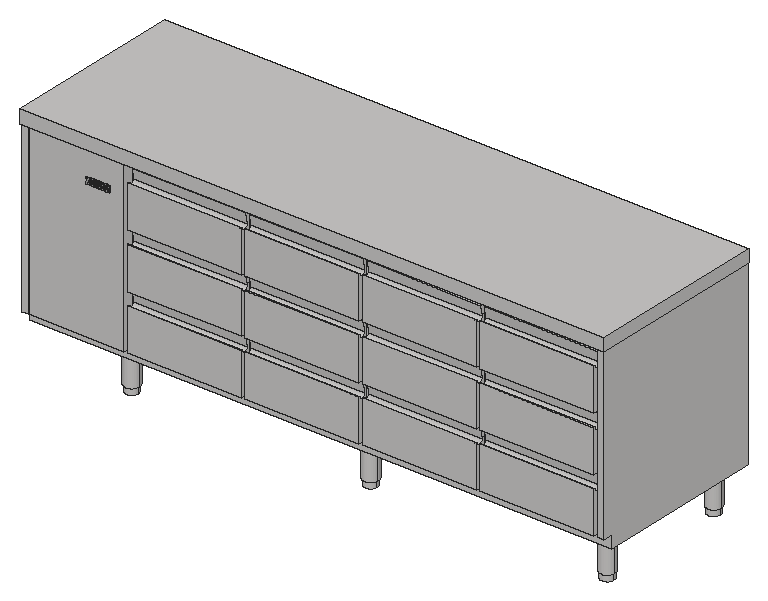
Revit family "QF_ZANUSSI_111065_ZH4HBCCCC", category Specialty Equipment, Revit 2018
Family settings
  Round Connector Dimension = Use Diameter
  Part Type = Normal
  Work Plane-Based = No
  Always vertical = Yes
  Cut with Voids When Loaded = No
  Shared = No
  Room Calculation Point = No
Parameters
  Weight = 0.00 kg
  Watts = 0.0232258 W
  Volts = 220 V
  URL Manufacturer = "http://www.zanussiprofessional.com/"
  URL = "http://www.zanussiprofessional.com/"
  Steam Supply Size = 0 mm
  Steam Supply Minimum Pressure = 0.0 Pa
  Steam Supply Maximum Pressure = 0.0 Pa
  Steam Pounds per Hour = 0
  Show Logo [instance] = yes
  Show Clearance [instance] = yes
  Refrigeration Suction Line Size = 0 mm
  Refrigeration Liquid Line Size = 0 mm
  Refrigerant Compressor Remote = yes
  Manufacturer = "Zanussi"
  Phase = 1
  Model = "ZH4HBCCCC"
  Length Actual = 2253 mm  # constant formula
  Item Number = "111065"
  Hot Water Size = 0 mm
  Height Actual = 900 mm  # constant formula
  HP = "0.3 HP"
  Gas Size = 0 mm
  Gas KW = 0
  Gas Input Pressure = 0 W
  Description = "12x1/3 DRAWERS REFR.TABLE 590L"
  Depth Actual = 700 mm  # constant formula
  Cycle = 50 Hz
  Condensate Return Size = 0 mm
  Compressed Air Volume = 0.0 L/s
  Compressed Air Size = 0 mm
  Compressed Air Pressure = 0.0 Pa
  Cold Water Size = 0 mm
  Accessory = yes
Reference planes
  plane 1 "Center X": y = 182.5
  plane 2: z = 0
  plane 3 "Center Y": x = -580.5
  plane 4: y = -62.5
  plane 5: y = 451.5
  plane 6 "BACK": y = 532.5
  plane 7 "FRONT": y = -167.5
  plane 8: x = -1360
  plane 9: x = 478
  plane 10: z = 150
  plane 11 "TOP": z = 900
  plane 12: z = 850
  plane 13 "LEFT": x = -1705
  plane 14 "RIGHT": x = 544
  plane 15: x = -437
  plane 16: x = -1707
  plane 17: x = 546
Forms (mm)
  Extrusion 1, solid, material "QF_Finishes_Stainless Steel"
    sketch origin (-580.5, 2, 0) x (0, 1, 0) y (0, 0, 1)
      loop
        line (530.5, 150) -> (530.5, 850) -> (-124.5, 850) -> (-124.5, 150) -> (530.5, 150)
    from -1124.5 to 1124.5
  Extrusion 2, solid, material "QF_Finishes_Stainless Steel"
    sketch origin (-1022.223, -1524, 150) x (-1, 0, 0) y (0, -1, 0)
      loop
        line (682.777, -1361.5) -> (657.777, -1361.5) -> (657.777, -1401.5) -> (682.777, -1401.5) -> (682.777, -1361.5)
      loop
        line (-1566.223, -1401.5) -> (-1541.223, -1401.5) -> (-1541.223, -1361.5) -> (-1566.223, -1361.5) -> (-1566.223, -1401.5)
    from 47 to 700
  Extrusion 3, solid, material "QF_Finishes_Stainless Steel"
    sketch origin (0, 0, 900) x (-1, 0, 0) y (0, -1, 0)
      loop
        circle (-57, -94.5) r 8.45
      loop
        circle (851, -94.5) r 8.45
    from -790.577 to -750
  Extrusion 4, solid, material "QF_Finishes_Stainless Steel"
    sketch origin (0, 0, 0) x (1, 0, 0) y (0, 1, 0)
      loop
        circle (-1621, 451.5) r 4
    from 109.423 to 150
  Extrusion 5, solid, material "QF_Finishes_Stainless Steel"
    sketch origin (-126.5, 0, 0) x (0, 1, 0) y (0, 0, 1)
      loop
        line (-167.5, 900) -> (-167.5, 850) -> (532.5, 850) -> (532.5, 900) -> (-167.5, 900)
    from 672.5 to -1580.5
Cuts and joins
  joined: Extrusion 1, Extrusion 2
Lines and regions (mm)
  symbolic lines, style "SpecialityEquipmentHiddenLines"
    curve 1: line (-1707, -122.5, 900) -> (546, -122.5, 900)
    curve 2: line (-1304, -167.5, 900) -> (-1304, -122.5, 900)
  symbolic lines, style "SpecialityEquipment"
    curve 3: line (-1707, 532.5, 900) -> (546, 532.5, 900)
    curve 4: line (-1707, 532.5, 900) -> (-1707, -167.5, 900)
    curve 5: line (-1707, -167.5, 900) -> (546, -167.5, 900)
    curve 6: line (546, -167.5, 900) -> (546, 532.5, 900)
Dimensions and locks
  locked: plane 6 "BACK" to plane 7 "FRONT" at 700
  equal spacing: plane 6 "BACK", plane 1 "Center X", plane 7 "FRONT"
  locked: plane 6 "BACK" to plane 5 at 81
  plane 10 to level = 150 mm
  plane 11 "TOP" to plane 12 to plane 10 = 50 mm locked, 700 mm locked
  locked: Extrusion 2 sketch curve to Extrusion 2 sketch curve at 25  (x2)
  locked: plane 4 to plane 7 "FRONT" at 105
  locked: plane 6 "BACK" to Extrusion 3 sketch curve at 438  (x2)
  equal spacing: plane 13 "LEFT", plane 3 "Center Y", plane 14 "RIGHT"
  plane 16 to plane 17 = 2253 mm
  locked: plane 13 "LEFT" to plane 8 at 345
  plane 15 to plane 9 to plane 14 "RIGHT" = 915 mm locked, 66 mm locked
  Extrusion 3 sketch curve to Extrusion 3 sketch curve to plane 14 "RIGHT" = 908 mm locked, 487 mm locked
  plane 13 "LEFT" to Extrusion 4 sketch curve = 84 mm
  locked: plane 6 "BACK" to Extrusion 4 sketch curve at 81
  locked: plane 10 to Extrusion 4 at 40.577
  aligned and locked: level to plane 2
  aligned and locked: plane 10 to Extrusion 3
  aligned and locked: nested 4 to plane 4
  aligned and locked: nested 1 to plane 4
  aligned and locked: nested 3 to plane 5
  aligned and locked: nested 2 to plane 5
  aligned and locked: plane 8 to nested 1
  aligned and locked: plane 8 to nested 2
  aligned and locked: plane 9 to nested 4
  aligned and locked: plane 9 to nested 3
  aligned and locked: Extrusion 1 to Extrusion 2
  aligned and locked: Extrusion 2 to Extrusion 1
  aligned and locked: Extrusion 2 sketch curve to plane 14 "RIGHT"
  aligned and locked: plane 13 "LEFT" to Extrusion 2 sketch curve
  aligned and locked: cut or joined group of Extrusion 1, Extrusion 2 to plane 10
  aligned and locked: plane 12 to cut or joined group of Extrusion 1, Extrusion 2
  aligned and locked: plane 10 to Extrusion 4
  aligned and locked: plane 15 to nested 11
  aligned and locked: plane 15 to nested 12
Automatic sketch dimensions
  plane 7 "FRONT" to Extrusion 2 sketch curve = 45 mm  (x2)
  plane 7 "FRONT" to Extrusion 2 sketch curve = 5 mm  (x2)
  curve 2 to plane 7 "FRONT" = 0 mm
  curve 5 to plane 16 = 0 mm
  curve 3 to plane 6 "BACK" = 0 mm
  plane 8 to curve 2 = 56 mm
  plane 7 "FRONT" to curve 1 = 45 mm
  Extrusion 1 sketch curve to plane 10 = 0 mm
  Extrusion 1 sketch curve to plane 12 = 0 mm
  Extrusion 1 sketch curve to plane 6 "BACK" = 0 mm
  plane 7 "FRONT" to Extrusion 1 sketch curve = 45 mm
  Extrusion 5 sketch curve to plane 7 "FRONT" = 0 mm
  Extrusion 5 sketch curve to plane 6 "BACK" = 0 mm
  Extrusion 5 sketch curve to plane 12 = 0 mm
  Extrusion 5 sketch curve to plane 11 "TOP" = 0 mm
  curve 6 to plane 17 = 0 mm
  radius of Extrusion 3 sketch curve = 8.45 mm  (x2)
  radius of Extrusion 4 sketch curve = 4 mm
Nested families
  nested 1: "Foot_Ø50_H150" at (-1360, -62.5, 0), type "Foot_Ø50_H150"
  nested 2: "Foot_Ø50_H150" at (-1360, 451.5, 0), type "Foot_Ø50_H150"
  nested 3: "Foot_Ø50_H150" at (478, 451.5, 0), type "Foot_Ø50_H150"
  nested 4: "Foot_Ø50_H150" at (478, -62.5, 0), type "Foot_Ø50_H150"
  nested 5: "3x1-3 Drawers" at (285, -164.5, 0), Show Clearance <- "Show Clearance", type "3x1-3 Drawers"
  nested 6: "3x1-3 Drawers" at (-169, -164.5, 0), Show Clearance <- "Show Clearance", type "3x1-3 Drawers"
  nested 7: "Refrigerator" at (544, -167.5, 900), type "Refrigerator"
  nested 8: "ZAN_Cooling Unit" at (-1495.5, -164.5, 0), Show Logo <- "Show Logo", type "ZAN_Cooling Unit"
  nested 9: "3x1-3 Drawers" at (-623, -164.5, 0), Show Clearance <- "Show Clearance", type "3x1-3 Drawers"
  nested 10: "3x1-3 Drawers" at (-1077, -164.5, 0) x (-1, 0, 0) z (0, 0, 1), Show Clearance <- "Show Clearance", type "3x1-3 Drawers"
  nested 11: "Foot_Ø50_H150" at (-437, -62.5, 0), type "Foot_Ø50_H150"
  nested 12: "Foot_Ø50_H150" at (-437, 451.5, 0), type "Foot_Ø50_H150"
Connectors
  electrical at (-1621, 451.5, 109.423), driven by "Volts"
    settings: on Extrusion 4, index 4, voltage 220 V, apparent load 0 VA, apparent load phase1 0 VA, apparent load phase2 0 VA, apparent load phase3 0 VA, power factor 1, load classification "Altro", number of poles 1, system type 30, power factor state 1, is connector primary yes, connector utility no, sub classification motor no, connector description "Electrical Connection"
  piping at (57, 94.5, 109.423), diameter 17
    settings: on Extrusion 3, index 5, connector inside diameter 609.6 mm, connector length 0 mm, flow factor 0, pipe flow 0.0 L/s, pressure drop 0.0 Pa, fitting loss kfactor 0, connector angle 0.00°, fixture units 0, engagement length 0 mm, angle of deflection 0.00°, flow configuration 1, flow direction 2, fitting loss method 0, system type 16, joint type 0, gender type 0, connector reference index -1, connector utility 0, adjustable connector no, is connector primary yes, connector description "Drain"
  piping at (-851, 94.5, 109.423), diameter 17
    settings: on Extrusion 3, index 6, connector inside diameter 609.6 mm, connector length 0 mm, flow factor 0, pipe flow 0.0 L/s, pressure drop 0.0 Pa, fitting loss kfactor 0, connector angle 0.00°, fixture units 0, engagement length 0 mm, angle of deflection 0.00°, flow configuration 1, flow direction 2, fitting loss method 0, system type 16, joint type 0, gender type 0, connector reference index -1, connector utility 0, adjustable connector no, is connector primary no, connector description "Drain"
Definition of nested family "Foot_Ø50_H150"
  Reference planes
    plane 1 "Centro (Fronte/Retro)": y = 0
    plane 2: z = 0
    plane 3 "Centro (Sinistra/Destra)": x = 0
    plane 4: z = 150
  Forms (mm)
    Revolve 1, solid
      sketch origin (255.05, 0, 608.09) x (0, 0, 1) y (-1, 0, 0)
        loop
          line (-608.09, 255.05) -> (-608.09, 230.05) -> (-583.09, 230.05) -> (-583.09, 226.05) -> (-458.09, 226.05) -> (-458.09, 255.05) -> (-608.09, 255.05)
        axis (-608.09, 255.05) -> (-458.09, 255.05)
      angle from 0 to 360
  Dimensions and locks
    locked: Revolve 1 sketch curve to Revolve 1 sketch curve at 125
    aligned and locked: level to plane 2
    aligned and locked: plane 4 to Revolve 1 sketch curve
    aligned and locked: Revolve 1 sketch curve to level
    aligned and locked: plane 3 "Centro (Sinistra/Destra)" to Revolve 1 sketch curve
Definition of nested family "3x1-3 Drawers"
  Parameters
    Show Clearance [instance] = yes
  Reference planes
    plane 1 "FRONT": y = -3
    plane 2: z = 0
    plane 3 "Centro (Sinistra/Destra)": x = 0
    plane 4: z = 150
    plane 5: z = 850
    plane 6: x = -234
    plane 7: x = 234
    plane 8: x = -220
    plane 9: x = 220
  Forms (mm)
    Extrusion 1, solid
      sketch origin (0, 55, 511) x (0, 0, 1) y (0, -1, 0)
        loop
          line (314, 18) -> (314, 29) -> (274.395, 22.5)
          arc (274.395, 22.5) -> (260.395, 36.5) -> (274.395, 50.5) r 14
          line (274.395, 50.5) -> (274.395, 53) -> (111.333, 53) -> (111.333, 18) -> (314, 18)
        loop
          line (101.333, 29) -> (61.728, 22.5)
          arc (61.728, 22.5) -> (47.728, 36.5) -> (61.728, 50.5) r 14
          line (61.728, 50.5) -> (61.728, 53) -> (-101.333, 53) -> (-101.333, 18) -> (101.333, 18) -> (101.333, 29)
        loop
          line (-314, 18) -> (-111.333, 18) -> (-111.333, 29) -> (-150.939, 22.5)
          arc (-150.939, 22.5) -> (-164.939, 36.5) -> (-150.939, 50.5) r 14
          line (-150.939, 50.5) -> (-150.939, 53) -> (-314, 53) -> (-314, 18)
      from -220 to 220
    Extrusion 2, solid, visible <- "Show Clearance", detail levels coarse
      sketch origin (0, -462, 511) x (0, 0, 1) y (0, -1, 0)
        loop
          line (-314, 109) -> (-314, -464) -> (-111.333, -464) -> (-111.333, 109) -> (-314, 109)
        loop
          line (314, -464) -> (314, 109) -> (111.333, 109) -> (111.333, -464) -> (314, -464)
        loop
          line (101.333, 109) -> (-101.333, 109) -> (-101.333, -464) -> (101.333, -464) -> (101.333, 109)
      from -220 to 220
  Lines and regions (mm)
    symbolic lines
      curve 1: line (-190, -3, 0) -> (-190, -48, 0)
      curve 2: line (220, -48, 0) -> (-220, -48, 0)
      curve 3: line (-220, -48, 0) -> (-220, -83, 0)
      curve 4: line (-220, -83, 0) -> (220, -83, 0)
      curve 5: line (220, -83, 0) -> (220, -48, 0)
      curve 6: line (190, -48, 0) -> (190, -3, 0)
      curve 7: line (-190, -83, 0) -> (-190, -128, 0)
      curve 8: line (220, -128, 0) -> (-220, -128, 0)
      curve 9: line (-220, -128, 0) -> (-220, -163, 0)
      curve 10: line (-220, -163, 0) -> (220, -163, 0)
      curve 11: line (220, -163, 0) -> (220, -128, 0)
      curve 12: line (190, -128, 0) -> (190, -83, 0)
      curve 13: line (-190, -163, 0) -> (-190, -208, 0)
      curve 14: line (220, -208, 0) -> (-220, -208, 0)
      curve 15: line (-220, -208, 0) -> (-220, -243, 0)
      curve 16: line (-220, -243, 0) -> (220, -243, 0)
      curve 17: line (220, -243, 0) -> (220, -208, 0)
      curve 18: line (190, -208, 0) -> (190, -163, 0)
  Dimensions and locks
    aligned and locked: level to plane 2
Definition of nested family "ZAN_Cooling Unit"
  Parameters
    Show Logo [instance] = yes
  Reference planes
    plane 1 "FRONT": y = -3
    plane 2: z = 0
    plane 3 "Centro (Sinistra/Destra)": x = 0
    plane 4: z = 150
    plane 5: z = 850
    plane 6: x = -184.5
    plane 7: x = 184.5
  Forms (mm)
    Extrusion 1, solid
      sketch origin (0, 55, 511) x (0, 0, 1) y (0, -1, 0)
        loop
          line (-314, 53) -> (-314, 13) -> (339, 13) -> (339, 53) -> (-314, 53)
      from -184.5 to 184.5
  Lines and regions (mm)
    Split face 1
      outline origin (0, 2, 197) x (0, 0, 1) y (-1, 0, 0)
        loop
          line (566.835, 184.5) -> (566.835, -184.5)
        loop
          line (521.835, 184.5) -> (521.835, -184.5)
    Split face 2
      outline origin (0, 2, 197) x (0, 0, 1) y (-1, 0, 0)
        loop
          arc (510.649, 158.547) -> (506.648, 162.548) -> (502.647, 158.547) r 4.001
          line (502.647, 158.547) -> (502.647, 116.535)
          arc (502.647, 116.535) -> (506.648, 112.533) -> (510.649, 116.535) r 4.001
          line (510.649, 116.535) -> (510.649, 158.547)
    Split face 3
      outline origin (0, 2, 184.996) x (0, 0, 1) y (-1, 0, 0)
        loop
          arc (510.649, 158.547) -> (506.648, 162.548) -> (502.647, 158.547) r 4.001
          line (502.647, 158.547) -> (502.647, 116.535)
          arc (502.647, 116.535) -> (506.648, 112.533) -> (510.649, 116.535) r 4.001
          line (510.649, 116.535) -> (510.649, 158.547)
    Split face 4
      outline origin (0, 2, 172.993) x (0, 0, 1) y (-1, 0, 0)
        loop
          arc (510.649, 158.547) -> (506.648, 162.548) -> (502.647, 158.547) r 4.001
          line (502.647, 158.547) -> (502.647, 116.535)
          arc (502.647, 116.535) -> (506.648, 112.533) -> (510.649, 116.535) r 4.001
          line (510.649, 116.535) -> (510.649, 158.547)
    Split face 5
      outline origin (0, 2, 160.989) x (0, 0, 1) y (-1, 0, 0)
        loop
          arc (510.649, 158.547) -> (506.648, 162.548) -> (502.647, 158.547) r 4.001
          line (502.647, 158.547) -> (502.647, 116.535)
          arc (502.647, 116.535) -> (506.648, 112.533) -> (510.649, 116.535) r 4.001
          line (510.649, 116.535) -> (510.649, 158.547)
    Split face 6
      outline origin (0, 2, 148.986) x (0, 0, 1) y (-1, 0, 0)
        loop
          arc (510.649, 158.547) -> (506.648, 162.548) -> (502.647, 158.547) r 4.001
          line (502.647, 158.547) -> (502.647, 116.535)
          arc (502.647, 116.535) -> (506.648, 112.533) -> (510.649, 116.535) r 4.001
          line (510.649, 116.535) -> (510.649, 158.547)
    Split face 7
      outline origin (0, 2, 136.982) x (0, 0, 1) y (-1, 0, 0)
        loop
          arc (510.649, 158.547) -> (506.648, 162.548) -> (502.647, 158.547) r 4.001
          line (502.647, 158.547) -> (502.647, 116.535)
          arc (502.647, 116.535) -> (506.648, 112.533) -> (510.649, 116.535) r 4.001
          line (510.649, 116.535) -> (510.649, 158.547)
    Split face 8
      outline origin (0, 2, 124.979) x (0, 0, 1) y (-1, 0, 0)
        loop
          arc (510.649, 158.547) -> (506.648, 162.548) -> (502.647, 158.547) r 4.001
          line (502.647, 158.547) -> (502.647, 116.535)
          arc (502.647, 116.535) -> (506.648, 112.533) -> (510.649, 116.535) r 4.001
          line (510.649, 116.535) -> (510.649, 158.547)
    Split face 9
      outline origin (0, 2, 112.975) x (0, 0, 1) y (-1, 0, 0)
        loop
          arc (510.649, 158.547) -> (506.648, 162.548) -> (502.647, 158.547) r 4.001
          line (502.647, 158.547) -> (502.647, 116.535)
          arc (502.647, 116.535) -> (506.648, 112.533) -> (510.649, 116.535) r 4.001
          line (510.649, 116.535) -> (510.649, 158.547)
    Split face 10
      outline origin (0, 2, 100.972) x (0, 0, 1) y (-1, 0, 0)
        loop
          arc (510.649, 158.547) -> (506.648, 162.548) -> (502.647, 158.547) r 4.001
          line (502.647, 158.547) -> (502.647, 116.535)
          arc (502.647, 116.535) -> (506.648, 112.533) -> (510.649, 116.535) r 4.001
          line (510.649, 116.535) -> (510.649, 158.547)
    Split face 11
      outline origin (0, 2, 88.968) x (0, 0, 1) y (-1, 0, 0)
        loop
          arc (510.649, 158.547) -> (506.648, 162.548) -> (502.647, 158.547) r 4.001
          line (502.647, 158.547) -> (502.647, 116.535)
          arc (502.647, 116.535) -> (506.648, 112.533) -> (510.649, 116.535) r 4.001
          line (510.649, 116.535) -> (510.649, 158.547)
    Split face 12
      outline origin (0, 2, 76.965) x (0, 0, 1) y (-1, 0, 0)
        loop
          arc (510.649, 158.547) -> (506.648, 162.548) -> (502.647, 158.547) r 4.001
          line (502.647, 158.547) -> (502.647, 116.535)
          arc (502.647, 116.535) -> (506.648, 112.533) -> (510.649, 116.535) r 4.001
          line (510.649, 116.535) -> (510.649, 158.547)
    Split face 13
      outline origin (0, 2, 64.961) x (0, 0, 1) y (-1, 0, 0)
        loop
          arc (510.649, 158.547) -> (506.648, 162.548) -> (502.647, 158.547) r 4.001
          line (502.647, 158.547) -> (502.647, 116.535)
          arc (502.647, 116.535) -> (506.648, 112.533) -> (510.649, 116.535) r 4.001
          line (510.649, 116.535) -> (510.649, 158.547)
    Split face 14
      outline origin (0, 2, 52.958) x (0, 0, 1) y (-1, 0, 0)
        loop
          arc (510.649, 158.547) -> (506.648, 162.548) -> (502.647, 158.547) r 4.001
          line (502.647, 158.547) -> (502.647, 116.535)
          arc (502.647, 116.535) -> (506.648, 112.533) -> (510.649, 116.535) r 4.001
          line (510.649, 116.535) -> (510.649, 158.547)
    Split face 15
      outline origin (0, 2, 40.954) x (0, 0, 1) y (-1, 0, 0)
        loop
          arc (510.649, 158.547) -> (506.648, 162.548) -> (502.647, 158.547) r 4.001
          line (502.647, 158.547) -> (502.647, 116.535)
          arc (502.647, 116.535) -> (506.648, 112.533) -> (510.649, 116.535) r 4.001
          line (510.649, 116.535) -> (510.649, 158.547)
    Split face 16
      outline origin (0, 2, 28.951) x (0, 0, 1) y (-1, 0, 0)
        loop
          arc (510.649, 158.547) -> (506.648, 162.548) -> (502.647, 158.547) r 4.001
          line (502.647, 158.547) -> (502.647, 116.535)
          arc (502.647, 116.535) -> (506.648, 112.533) -> (510.649, 116.535) r 4.001
          line (510.649, 116.535) -> (510.649, 158.547)
    Split face 17
      outline origin (0, 2, 16.947) x (0, 0, 1) y (-1, 0, 0)
        loop
          arc (510.649, 158.547) -> (506.648, 162.548) -> (502.647, 158.547) r 4.001
          line (502.647, 158.547) -> (502.647, 116.535)
          arc (502.647, 116.535) -> (506.648, 112.533) -> (510.649, 116.535) r 4.001
          line (510.649, 116.535) -> (510.649, 158.547)
    Split face 18
      outline origin (55.016, 2, 197) x (0, 0, 1) y (-1, 0, 0)
        loop
          arc (510.649, 158.547) -> (506.648, 162.548) -> (502.647, 158.547) r 4.001
          line (502.647, 158.547) -> (502.647, 116.535)
          arc (502.647, 116.535) -> (506.648, 112.533) -> (510.649, 116.535) r 4.001
          line (510.649, 116.535) -> (510.649, 158.547)
    Split face 19
      outline origin (55.016, 2, 184.996) x (0, 0, 1) y (-1, 0, 0)
        loop
          arc (510.649, 158.547) -> (506.648, 162.548) -> (502.647, 158.547) r 4.001
          line (502.647, 158.547) -> (502.647, 116.535)
          arc (502.647, 116.535) -> (506.648, 112.533) -> (510.649, 116.535) r 4.001
          line (510.649, 116.535) -> (510.649, 158.547)
    Split face 20
      outline origin (55.016, 2, 172.993) x (0, 0, 1) y (-1, 0, 0)
        loop
          arc (510.649, 158.547) -> (506.648, 162.548) -> (502.647, 158.547) r 4.001
          line (502.647, 158.547) -> (502.647, 116.535)
          arc (502.647, 116.535) -> (506.648, 112.533) -> (510.649, 116.535) r 4.001
          line (510.649, 116.535) -> (510.649, 158.547)
    Split face 21
      outline origin (55.016, 2, 160.989) x (0, 0, 1) y (-1, 0, 0)
        loop
          arc (510.649, 158.547) -> (506.648, 162.548) -> (502.647, 158.547) r 4.001
          line (502.647, 158.547) -> (502.647, 116.535)
          arc (502.647, 116.535) -> (506.648, 112.533) -> (510.649, 116.535) r 4.001
          line (510.649, 116.535) -> (510.649, 158.547)
    Split face 22
      outline origin (55.016, 2, 148.986) x (0, 0, 1) y (-1, 0, 0)
        loop
          arc (510.649, 158.547) -> (506.648, 162.548) -> (502.647, 158.547) r 4.001
          line (502.647, 158.547) -> (502.647, 116.535)
          arc (502.647, 116.535) -> (506.648, 112.533) -> (510.649, 116.535) r 4.001
          line (510.649, 116.535) -> (510.649, 158.547)
    Split face 23
      outline origin (55.016, 2, 136.982) x (0, 0, 1) y (-1, 0, 0)
        loop
          arc (510.649, 158.547) -> (506.648, 162.548) -> (502.647, 158.547) r 4.001
          line (502.647, 158.547) -> (502.647, 116.535)
          arc (502.647, 116.535) -> (506.648, 112.533) -> (510.649, 116.535) r 4.001
          line (510.649, 116.535) -> (510.649, 158.547)
    Split face 24
      outline origin (55.016, 2, 124.979) x (0, 0, 1) y (-1, 0, 0)
        loop
          arc (510.649, 158.547) -> (506.648, 162.548) -> (502.647, 158.547) r 4.001
          line (502.647, 158.547) -> (502.647, 116.535)
          arc (502.647, 116.535) -> (506.648, 112.533) -> (510.649, 116.535) r 4.001
          line (510.649, 116.535) -> (510.649, 158.547)
    Split face 25
      outline origin (55.016, 2, 112.975) x (0, 0, 1) y (-1, 0, 0)
        loop
          arc (510.649, 158.547) -> (506.648, 162.548) -> (502.647, 158.547) r 4.001
          line (502.647, 158.547) -> (502.647, 116.535)
          arc (502.647, 116.535) -> (506.648, 112.533) -> (510.649, 116.535) r 4.001
          line (510.649, 116.535) -> (510.649, 158.547)
    Split face 26
      outline origin (55.016, 2, 100.972) x (0, 0, 1) y (-1, 0, 0)
        loop
          arc (510.649, 158.547) -> (506.648, 162.548) -> (502.647, 158.547) r 4.001
          line (502.647, 158.547) -> (502.647, 116.535)
          arc (502.647, 116.535) -> (506.648, 112.533) -> (510.649, 116.535) r 4.001
          line (510.649, 116.535) -> (510.649, 158.547)
    Split face 27
      outline origin (55.016, 2, 88.968) x (0, 0, 1) y (-1, 0, 0)
        loop
          arc (510.649, 158.547) -> (506.648, 162.548) -> (502.647, 158.547) r 4.001
          line (502.647, 158.547) -> (502.647, 116.535)
          arc (502.647, 116.535) -> (506.648, 112.533) -> (510.649, 116.535) r 4.001
          line (510.649, 116.535) -> (510.649, 158.547)
    Split face 28
      outline origin (55.016, 2, 76.965) x (0, 0, 1) y (-1, 0, 0)
        loop
          arc (510.649, 158.547) -> (506.648, 162.548) -> (502.647, 158.547) r 4.001
          line (502.647, 158.547) -> (502.647, 116.535)
          arc (502.647, 116.535) -> (506.648, 112.533) -> (510.649, 116.535) r 4.001
          line (510.649, 116.535) -> (510.649, 158.547)
    Split face 29
      outline origin (55.016, 2, 64.961) x (0, 0, 1) y (-1, 0, 0)
        loop
          arc (510.649, 158.547) -> (506.648, 162.548) -> (502.647, 158.547) r 4.001
          line (502.647, 158.547) -> (502.647, 116.535)
          arc (502.647, 116.535) -> (506.648, 112.533) -> (510.649, 116.535) r 4.001
          line (510.649, 116.535) -> (510.649, 158.547)
    Split face 30
      outline origin (55.016, 2, 52.958) x (0, 0, 1) y (-1, 0, 0)
        loop
          arc (510.649, 158.547) -> (506.648, 162.548) -> (502.647, 158.547) r 4.001
          line (502.647, 158.547) -> (502.647, 116.535)
          arc (502.647, 116.535) -> (506.648, 112.533) -> (510.649, 116.535) r 4.001
          line (510.649, 116.535) -> (510.649, 158.547)
    Split face 31
      outline origin (55.016, 2, 40.954) x (0, 0, 1) y (-1, 0, 0)
        loop
          arc (510.649, 158.547) -> (506.648, 162.548) -> (502.647, 158.547) r 4.001
          line (502.647, 158.547) -> (502.647, 116.535)
          arc (502.647, 116.535) -> (506.648, 112.533) -> (510.649, 116.535) r 4.001
          line (510.649, 116.535) -> (510.649, 158.547)
    Split face 32
      outline origin (55.016, 2, 28.951) x (0, 0, 1) y (-1, 0, 0)
        loop
          arc (510.649, 158.547) -> (506.648, 162.548) -> (502.647, 158.547) r 4.001
          line (502.647, 158.547) -> (502.647, 116.535)
          arc (502.647, 116.535) -> (506.648, 112.533) -> (510.649, 116.535) r 4.001
          line (510.649, 116.535) -> (510.649, 158.547)
    Split face 33
      outline origin (55.016, 2, 16.947) x (0, 0, 1) y (-1, 0, 0)
        loop
          arc (510.649, 158.547) -> (506.648, 162.548) -> (502.647, 158.547) r 4.001
          line (502.647, 158.547) -> (502.647, 116.535)
          arc (502.647, 116.535) -> (506.648, 112.533) -> (510.649, 116.535) r 4.001
          line (510.649, 116.535) -> (510.649, 158.547)
    Split face 34
      outline origin (110.032, 2, 197) x (0, 0, 1) y (-1, 0, 0)
        loop
          arc (510.649, 158.547) -> (506.648, 162.548) -> (502.647, 158.547) r 4.001
          line (502.647, 158.547) -> (502.647, 116.535)
          arc (502.647, 116.535) -> (506.648, 112.533) -> (510.649, 116.535) r 4.001
          line (510.649, 116.535) -> (510.649, 158.547)
    Split face 35
      outline origin (110.032, 2, 184.996) x (0, 0, 1) y (-1, 0, 0)
        loop
          arc (510.649, 158.547) -> (506.648, 162.548) -> (502.647, 158.547) r 4.001
          line (502.647, 158.547) -> (502.647, 116.535)
          arc (502.647, 116.535) -> (506.648, 112.533) -> (510.649, 116.535) r 4.001
          line (510.649, 116.535) -> (510.649, 158.547)
    Split face 36
      outline origin (110.032, 2, 172.993) x (0, 0, 1) y (-1, 0, 0)
        loop
          arc (510.649, 158.547) -> (506.648, 162.548) -> (502.647, 158.547) r 4.001
          line (502.647, 158.547) -> (502.647, 116.535)
          arc (502.647, 116.535) -> (506.648, 112.533) -> (510.649, 116.535) r 4.001
          line (510.649, 116.535) -> (510.649, 158.547)
    Split face 37
      outline origin (110.032, 2, 160.989) x (0, 0, 1) y (-1, 0, 0)
        loop
          arc (510.649, 158.547) -> (506.648, 162.548) -> (502.647, 158.547) r 4.001
          line (502.647, 158.547) -> (502.647, 116.535)
          arc (502.647, 116.535) -> (506.648, 112.533) -> (510.649, 116.535) r 4.001
          line (510.649, 116.535) -> (510.649, 158.547)
    Split face 38
      outline origin (110.032, 2, 148.986) x (0, 0, 1) y (-1, 0, 0)
        loop
          arc (510.649, 158.547) -> (506.648, 162.548) -> (502.647, 158.547) r 4.001
          line (502.647, 158.547) -> (502.647, 116.535)
          arc (502.647, 116.535) -> (506.648, 112.533) -> (510.649, 116.535) r 4.001
          line (510.649, 116.535) -> (510.649, 158.547)
    Split face 39
      outline origin (110.032, 2, 136.982) x (0, 0, 1) y (-1, 0, 0)
        loop
          arc (510.649, 158.547) -> (506.648, 162.548) -> (502.647, 158.547) r 4.001
          line (502.647, 158.547) -> (502.647, 116.535)
          arc (502.647, 116.535) -> (506.648, 112.533) -> (510.649, 116.535) r 4.001
          line (510.649, 116.535) -> (510.649, 158.547)
    Split face 40
      outline origin (110.032, 2, 124.979) x (0, 0, 1) y (-1, 0, 0)
        loop
          arc (510.649, 158.547) -> (506.648, 162.548) -> (502.647, 158.547) r 4.001
          line (502.647, 158.547) -> (502.647, 116.535)
          arc (502.647, 116.535) -> (506.648, 112.533) -> (510.649, 116.535) r 4.001
          line (510.649, 116.535) -> (510.649, 158.547)
    Split face 41
      outline origin (110.032, 2, 112.975) x (0, 0, 1) y (-1, 0, 0)
        loop
          arc (510.649, 158.547) -> (506.648, 162.548) -> (502.647, 158.547) r 4.001
          line (502.647, 158.547) -> (502.647, 116.535)
          arc (502.647, 116.535) -> (506.648, 112.533) -> (510.649, 116.535) r 4.001
          line (510.649, 116.535) -> (510.649, 158.547)
    Split face 42
      outline origin (110.032, 2, 100.972) x (0, 0, 1) y (-1, 0, 0)
        loop
          arc (510.649, 158.547) -> (506.648, 162.548) -> (502.647, 158.547) r 4.001
          line (502.647, 158.547) -> (502.647, 116.535)
          arc (502.647, 116.535) -> (506.648, 112.533) -> (510.649, 116.535) r 4.001
          line (510.649, 116.535) -> (510.649, 158.547)
    Split face 43
      outline origin (110.032, 2, 88.968) x (0, 0, 1) y (-1, 0, 0)
        loop
          arc (510.649, 158.547) -> (506.648, 162.548) -> (502.647, 158.547) r 4.001
          line (502.647, 158.547) -> (502.647, 116.535)
          arc (502.647, 116.535) -> (506.648, 112.533) -> (510.649, 116.535) r 4.001
          line (510.649, 116.535) -> (510.649, 158.547)
    Split face 44
      outline origin (110.032, 2, 76.965) x (0, 0, 1) y (-1, 0, 0)
        loop
          arc (510.649, 158.547) -> (506.648, 162.548) -> (502.647, 158.547) r 4.001
          line (502.647, 158.547) -> (502.647, 116.535)
          arc (502.647, 116.535) -> (506.648, 112.533) -> (510.649, 116.535) r 4.001
          line (510.649, 116.535) -> (510.649, 158.547)
    Split face 45
      outline origin (110.032, 2, 64.961) x (0, 0, 1) y (-1, 0, 0)
        loop
          arc (510.649, 158.547) -> (506.648, 162.548) -> (502.647, 158.547) r 4.001
          line (502.647, 158.547) -> (502.647, 116.535)
          arc (502.647, 116.535) -> (506.648, 112.533) -> (510.649, 116.535) r 4.001
          line (510.649, 116.535) -> (510.649, 158.547)
    Split face 46
      outline origin (110.032, 2, 52.958) x (0, 0, 1) y (-1, 0, 0)
        loop
          arc (510.649, 158.547) -> (506.648, 162.548) -> (502.647, 158.547) r 4.001
          line (502.647, 158.547) -> (502.647, 116.535)
          arc (502.647, 116.535) -> (506.648, 112.533) -> (510.649, 116.535) r 4.001
          line (510.649, 116.535) -> (510.649, 158.547)
    Split face 47
      outline origin (110.032, 2, 40.954) x (0, 0, 1) y (-1, 0, 0)
        loop
          arc (510.649, 158.547) -> (506.648, 162.548) -> (502.647, 158.547) r 4.001
          line (502.647, 158.547) -> (502.647, 116.535)
          arc (502.647, 116.535) -> (506.648, 112.533) -> (510.649, 116.535) r 4.001
          line (510.649, 116.535) -> (510.649, 158.547)
    Split face 48
      outline origin (110.032, 2, 28.951) x (0, 0, 1) y (-1, 0, 0)
        loop
          arc (510.649, 158.547) -> (506.648, 162.548) -> (502.647, 158.547) r 4.001
          line (502.647, 158.547) -> (502.647, 116.535)
          arc (502.647, 116.535) -> (506.648, 112.533) -> (510.649, 116.535) r 4.001
          line (510.649, 116.535) -> (510.649, 158.547)
    Split face 49
      outline origin (110.032, 2, 16.947) x (0, 0, 1) y (-1, 0, 0)
        loop
          arc (510.649, 158.547) -> (506.648, 162.548) -> (502.647, 158.547) r 4.001
          line (502.647, 158.547) -> (502.647, 116.535)
          arc (502.647, 116.535) -> (506.648, 112.533) -> (510.649, 116.535) r 4.001
          line (510.649, 116.535) -> (510.649, 158.547)
    Split face 50
      outline origin (165.048, 2, 197) x (0, 0, 1) y (-1, 0, 0)
        loop
          arc (510.649, 158.547) -> (506.648, 162.548) -> (502.647, 158.547) r 4.001
          line (502.647, 158.547) -> (502.647, 116.535)
          arc (502.647, 116.535) -> (506.648, 112.533) -> (510.649, 116.535) r 4.001
          line (510.649, 116.535) -> (510.649, 158.547)
    Split face 51
      outline origin (165.048, 2, 184.996) x (0, 0, 1) y (-1, 0, 0)
        loop
          arc (510.649, 158.547) -> (506.648, 162.548) -> (502.647, 158.547) r 4.001
          line (502.647, 158.547) -> (502.647, 116.535)
          arc (502.647, 116.535) -> (506.648, 112.533) -> (510.649, 116.535) r 4.001
          line (510.649, 116.535) -> (510.649, 158.547)
    Split face 52
      outline origin (165.048, 2, 172.993) x (0, 0, 1) y (-1, 0, 0)
        loop
          arc (510.649, 158.547) -> (506.648, 162.548) -> (502.647, 158.547) r 4.001
          line (502.647, 158.547) -> (502.647, 116.535)
          arc (502.647, 116.535) -> (506.648, 112.533) -> (510.649, 116.535) r 4.001
          line (510.649, 116.535) -> (510.649, 158.547)
    Split face 53
      outline origin (165.048, 2, 160.989) x (0, 0, 1) y (-1, 0, 0)
        loop
          arc (510.649, 158.547) -> (506.648, 162.548) -> (502.647, 158.547) r 4.001
          line (502.647, 158.547) -> (502.647, 116.535)
          arc (502.647, 116.535) -> (506.648, 112.533) -> (510.649, 116.535) r 4.001
          line (510.649, 116.535) -> (510.649, 158.547)
    Split face 54
      outline origin (165.048, 2, 148.986) x (0, 0, 1) y (-1, 0, 0)
        loop
          arc (510.649, 158.547) -> (506.648, 162.548) -> (502.647, 158.547) r 4.001
          line (502.647, 158.547) -> (502.647, 116.535)
          arc (502.647, 116.535) -> (506.648, 112.533) -> (510.649, 116.535) r 4.001
          line (510.649, 116.535) -> (510.649, 158.547)
    Split face 55
      outline origin (165.048, 2, 136.982) x (0, 0, 1) y (-1, 0, 0)
        loop
          arc (510.649, 158.547) -> (506.648, 162.548) -> (502.647, 158.547) r 4.001
          line (502.647, 158.547) -> (502.647, 116.535)
          arc (502.647, 116.535) -> (506.648, 112.533) -> (510.649, 116.535) r 4.001
          line (510.649, 116.535) -> (510.649, 158.547)
    Split face 56
      outline origin (165.048, 2, 124.979) x (0, 0, 1) y (-1, 0, 0)
        loop
          arc (510.649, 158.547) -> (506.648, 162.548) -> (502.647, 158.547) r 4.001
          line (502.647, 158.547) -> (502.647, 116.535)
          arc (502.647, 116.535) -> (506.648, 112.533) -> (510.649, 116.535) r 4.001
          line (510.649, 116.535) -> (510.649, 158.547)
    Split face 57
      outline origin (165.048, 2, 112.975) x (0, 0, 1) y (-1, 0, 0)
        loop
          arc (510.649, 158.547) -> (506.648, 162.548) -> (502.647, 158.547) r 4.001
          line (502.647, 158.547) -> (502.647, 116.535)
          arc (502.647, 116.535) -> (506.648, 112.533) -> (510.649, 116.535) r 4.001
          line (510.649, 116.535) -> (510.649, 158.547)
    Split face 58
      outline origin (165.048, 2, 100.972) x (0, 0, 1) y (-1, 0, 0)
        loop
          arc (510.649, 158.547) -> (506.648, 162.548) -> (502.647, 158.547) r 4.001
          line (502.647, 158.547) -> (502.647, 116.535)
          arc (502.647, 116.535) -> (506.648, 112.533) -> (510.649, 116.535) r 4.001
          line (510.649, 116.535) -> (510.649, 158.547)
    Split face 59
      outline origin (165.048, 2, 88.968) x (0, 0, 1) y (-1, 0, 0)
        loop
          arc (510.649, 158.547) -> (506.648, 162.548) -> (502.647, 158.547) r 4.001
          line (502.647, 158.547) -> (502.647, 116.535)
          arc (502.647, 116.535) -> (506.648, 112.533) -> (510.649, 116.535) r 4.001
          line (510.649, 116.535) -> (510.649, 158.547)
    Split face 60
      outline origin (165.048, 2, 76.965) x (0, 0, 1) y (-1, 0, 0)
        loop
          arc (510.649, 158.547) -> (506.648, 162.548) -> (502.647, 158.547) r 4.001
          line (502.647, 158.547) -> (502.647, 116.535)
          arc (502.647, 116.535) -> (506.648, 112.533) -> (510.649, 116.535) r 4.001
          line (510.649, 116.535) -> (510.649, 158.547)
    Split face 61
      outline origin (165.048, 2, 64.961) x (0, 0, 1) y (-1, 0, 0)
        loop
          arc (510.649, 158.547) -> (506.648, 162.548) -> (502.647, 158.547) r 4.001
          line (502.647, 158.547) -> (502.647, 116.535)
          arc (502.647, 116.535) -> (506.648, 112.533) -> (510.649, 116.535) r 4.001
          line (510.649, 116.535) -> (510.649, 158.547)
    Split face 62
      outline origin (165.048, 2, 52.958) x (0, 0, 1) y (-1, 0, 0)
        loop
          arc (510.649, 158.547) -> (506.648, 162.548) -> (502.647, 158.547) r 4.001
          line (502.647, 158.547) -> (502.647, 116.535)
          arc (502.647, 116.535) -> (506.648, 112.533) -> (510.649, 116.535) r 4.001
          line (510.649, 116.535) -> (510.649, 158.547)
    Split face 63
      outline origin (165.048, 2, 40.954) x (0, 0, 1) y (-1, 0, 0)
        loop
          arc (510.649, 158.547) -> (506.648, 162.548) -> (502.647, 158.547) r 4.001
          line (502.647, 158.547) -> (502.647, 116.535)
          arc (502.647, 116.535) -> (506.648, 112.533) -> (510.649, 116.535) r 4.001
          line (510.649, 116.535) -> (510.649, 158.547)
    Split face 64
      outline origin (165.048, 2, 28.951) x (0, 0, 1) y (-1, 0, 0)
        loop
          arc (510.649, 158.547) -> (506.648, 162.548) -> (502.647, 158.547) r 4.001
          line (502.647, 158.547) -> (502.647, 116.535)
          arc (502.647, 116.535) -> (506.648, 112.533) -> (510.649, 116.535) r 4.001
          line (510.649, 116.535) -> (510.649, 158.547)
    Split face 65
      outline origin (165.048, 2, 16.947) x (0, 0, 1) y (-1, 0, 0)
        loop
          arc (510.649, 158.547) -> (506.648, 162.548) -> (502.647, 158.547) r 4.001
          line (502.647, 158.547) -> (502.647, 116.535)
          arc (502.647, 116.535) -> (506.648, 112.533) -> (510.649, 116.535) r 4.001
          line (510.649, 116.535) -> (510.649, 158.547)
    Split face 66
      outline origin (220.064, 2, 197) x (0, 0, 1) y (-1, 0, 0)
        loop
          arc (510.649, 158.547) -> (506.648, 162.548) -> (502.647, 158.547) r 4.001
          line (502.647, 158.547) -> (502.647, 116.535)
          arc (502.647, 116.535) -> (506.648, 112.533) -> (510.649, 116.535) r 4.001
          line (510.649, 116.535) -> (510.649, 158.547)
    Split face 67
      outline origin (220.064, 2, 184.996) x (0, 0, 1) y (-1, 0, 0)
        loop
          arc (510.649, 158.547) -> (506.648, 162.548) -> (502.647, 158.547) r 4.001
          line (502.647, 158.547) -> (502.647, 116.535)
          arc (502.647, 116.535) -> (506.648, 112.533) -> (510.649, 116.535) r 4.001
          line (510.649, 116.535) -> (510.649, 158.547)
    Split face 68
      outline origin (220.064, 2, 172.993) x (0, 0, 1) y (-1, 0, 0)
        loop
          arc (510.649, 158.547) -> (506.648, 162.548) -> (502.647, 158.547) r 4.001
          line (502.647, 158.547) -> (502.647, 116.535)
          arc (502.647, 116.535) -> (506.648, 112.533) -> (510.649, 116.535) r 4.001
          line (510.649, 116.535) -> (510.649, 158.547)
    Split face 69
      outline origin (220.064, 2, 160.989) x (0, 0, 1) y (-1, 0, 0)
        loop
          arc (510.649, 158.547) -> (506.648, 162.548) -> (502.647, 158.547) r 4.001
          line (502.647, 158.547) -> (502.647, 116.535)
          arc (502.647, 116.535) -> (506.648, 112.533) -> (510.649, 116.535) r 4.001
          line (510.649, 116.535) -> (510.649, 158.547)
    Split face 70
      outline origin (220.064, 2, 148.986) x (0, 0, 1) y (-1, 0, 0)
        loop
          arc (510.649, 158.547) -> (506.648, 162.548) -> (502.647, 158.547) r 4.001
          line (502.647, 158.547) -> (502.647, 116.535)
          arc (502.647, 116.535) -> (506.648, 112.533) -> (510.649, 116.535) r 4.001
          line (510.649, 116.535) -> (510.649, 158.547)
    Split face 71
      outline origin (220.064, 2, 136.982) x (0, 0, 1) y (-1, 0, 0)
        loop
          arc (510.649, 158.547) -> (506.648, 162.548) -> (502.647, 158.547) r 4.001
          line (502.647, 158.547) -> (502.647, 116.535)
          arc (502.647, 116.535) -> (506.648, 112.533) -> (510.649, 116.535) r 4.001
          line (510.649, 116.535) -> (510.649, 158.547)
    Split face 72
      outline origin (220.064, 2, 124.979) x (0, 0, 1) y (-1, 0, 0)
        loop
          arc (510.649, 158.547) -> (506.648, 162.548) -> (502.647, 158.547) r 4.001
          line (502.647, 158.547) -> (502.647, 116.535)
          arc (502.647, 116.535) -> (506.648, 112.533) -> (510.649, 116.535) r 4.001
          line (510.649, 116.535) -> (510.649, 158.547)
    Split face 73
      outline origin (220.064, 2, 112.975) x (0, 0, 1) y (-1, 0, 0)
        loop
          arc (510.649, 158.547) -> (506.648, 162.548) -> (502.647, 158.547) r 4.001
          line (502.647, 158.547) -> (502.647, 116.535)
          arc (502.647, 116.535) -> (506.648, 112.533) -> (510.649, 116.535) r 4.001
          line (510.649, 116.535) -> (510.649, 158.547)
    Split face 74
      outline origin (220.064, 2, 100.972) x (0, 0, 1) y (-1, 0, 0)
        loop
          arc (510.649, 158.547) -> (506.648, 162.548) -> (502.647, 158.547) r 4.001
          line (502.647, 158.547) -> (502.647, 116.535)
          arc (502.647, 116.535) -> (506.648, 112.533) -> (510.649, 116.535) r 4.001
          line (510.649, 116.535) -> (510.649, 158.547)
    Split face 75
      outline origin (220.064, 2, 88.968) x (0, 0, 1) y (-1, 0, 0)
        loop
          arc (510.649, 158.547) -> (506.648, 162.548) -> (502.647, 158.547) r 4.001
          line (502.647, 158.547) -> (502.647, 116.535)
          arc (502.647, 116.535) -> (506.648, 112.533) -> (510.649, 116.535) r 4.001
          line (510.649, 116.535) -> (510.649, 158.547)
    Split face 76
      outline origin (220.064, 2, 76.965) x (0, 0, 1) y (-1, 0, 0)
        loop
          arc (510.649, 158.547) -> (506.648, 162.548) -> (502.647, 158.547) r 4.001
          line (502.647, 158.547) -> (502.647, 116.535)
          arc (502.647, 116.535) -> (506.648, 112.533) -> (510.649, 116.535) r 4.001
          line (510.649, 116.535) -> (510.649, 158.547)
    Split face 77
      outline origin (220.064, 2, 64.961) x (0, 0, 1) y (-1, 0, 0)
        loop
          arc (510.649, 158.547) -> (506.648, 162.548) -> (502.647, 158.547) r 4.001
          line (502.647, 158.547) -> (502.647, 116.535)
          arc (502.647, 116.535) -> (506.648, 112.533) -> (510.649, 116.535) r 4.001
          line (510.649, 116.535) -> (510.649, 158.547)
    Split face 78
      outline origin (220.064, 2, 52.958) x (0, 0, 1) y (-1, 0, 0)
        loop
          arc (510.649, 158.547) -> (506.648, 162.548) -> (502.647, 158.547) r 4.001
          line (502.647, 158.547) -> (502.647, 116.535)
          arc (502.647, 116.535) -> (506.648, 112.533) -> (510.649, 116.535) r 4.001
          line (510.649, 116.535) -> (510.649, 158.547)
    Split face 79
      outline origin (220.064, 2, 40.954) x (0, 0, 1) y (-1, 0, 0)
        loop
          arc (510.649, 158.547) -> (506.648, 162.548) -> (502.647, 158.547) r 4.001
          line (502.647, 158.547) -> (502.647, 116.535)
          arc (502.647, 116.535) -> (506.648, 112.533) -> (510.649, 116.535) r 4.001
          line (510.649, 116.535) -> (510.649, 158.547)
    Split face 80
      outline origin (220.064, 2, 28.951) x (0, 0, 1) y (-1, 0, 0)
        loop
          arc (510.649, 158.547) -> (506.648, 162.548) -> (502.647, 158.547) r 4.001
          line (502.647, 158.547) -> (502.647, 116.535)
          arc (502.647, 116.535) -> (506.648, 112.533) -> (510.649, 116.535) r 4.001
          line (510.649, 116.535) -> (510.649, 158.547)
    Split face 81
      outline origin (220.064, 2, 16.947) x (0, 0, 1) y (-1, 0, 0)
        loop
          arc (510.649, 158.547) -> (506.648, 162.548) -> (502.647, 158.547) r 4.001
          line (502.647, 158.547) -> (502.647, 116.535)
          arc (502.647, 116.535) -> (506.648, 112.533) -> (510.649, 116.535) r 4.001
          line (510.649, 116.535) -> (510.649, 158.547)
    Split face 82
      outline origin (275.081, 2, 197) x (0, 0, 1) y (-1, 0, 0)
        loop
          arc (510.649, 158.547) -> (506.648, 162.548) -> (502.647, 158.547) r 4.001
          line (502.647, 158.547) -> (502.647, 116.535)
          arc (502.647, 116.535) -> (506.648, 112.533) -> (510.649, 116.535) r 4.001
          line (510.649, 116.535) -> (510.649, 158.547)
    Split face 83
      outline origin (275.081, 2, 184.996) x (0, 0, 1) y (-1, 0, 0)
        loop
          arc (510.649, 158.547) -> (506.648, 162.548) -> (502.647, 158.547) r 4.001
          line (502.647, 158.547) -> (502.647, 116.535)
          arc (502.647, 116.535) -> (506.648, 112.533) -> (510.649, 116.535) r 4.001
          line (510.649, 116.535) -> (510.649, 158.547)
    Split face 84
      outline origin (275.081, 2, 172.993) x (0, 0, 1) y (-1, 0, 0)
        loop
          arc (510.649, 158.547) -> (506.648, 162.548) -> (502.647, 158.547) r 4.001
          line (502.647, 158.547) -> (502.647, 116.535)
          arc (502.647, 116.535) -> (506.648, 112.533) -> (510.649, 116.535) r 4.001
          line (510.649, 116.535) -> (510.649, 158.547)
    Split face 85
      outline origin (275.081, 2, 160.989) x (0, 0, 1) y (-1, 0, 0)
        loop
          arc (510.649, 158.547) -> (506.648, 162.548) -> (502.647, 158.547) r 4.001
          line (502.647, 158.547) -> (502.647, 116.535)
          arc (502.647, 116.535) -> (506.648, 112.533) -> (510.649, 116.535) r 4.001
          line (510.649, 116.535) -> (510.649, 158.547)
    Split face 86
      outline origin (275.081, 2, 148.986) x (0, 0, 1) y (-1, 0, 0)
        loop
          arc (510.649, 158.547) -> (506.648, 162.548) -> (502.647, 158.547) r 4.001
          line (502.647, 158.547) -> (502.647, 116.535)
          arc (502.647, 116.535) -> (506.648, 112.533) -> (510.649, 116.535) r 4.001
          line (510.649, 116.535) -> (510.649, 158.547)
    Split face 87
      outline origin (275.081, 2, 136.982) x (0, 0, 1) y (-1, 0, 0)
        loop
          arc (510.649, 158.547) -> (506.648, 162.548) -> (502.647, 158.547) r 4.001
          line (502.647, 158.547) -> (502.647, 116.535)
          arc (502.647, 116.535) -> (506.648, 112.533) -> (510.649, 116.535) r 4.001
          line (510.649, 116.535) -> (510.649, 158.547)
    Split face 88
      outline origin (275.081, 2, 124.979) x (0, 0, 1) y (-1, 0, 0)
        loop
          arc (510.649, 158.547) -> (506.648, 162.548) -> (502.647, 158.547) r 4.001
          line (502.647, 158.547) -> (502.647, 116.535)
          arc (502.647, 116.535) -> (506.648, 112.533) -> (510.649, 116.535) r 4.001
          line (510.649, 116.535) -> (510.649, 158.547)
    Split face 89
      outline origin (275.081, 2, 112.975) x (0, 0, 1) y (-1, 0, 0)
        loop
          arc (510.649, 158.547) -> (506.648, 162.548) -> (502.647, 158.547) r 4.001
          line (502.647, 158.547) -> (502.647, 116.535)
          arc (502.647, 116.535) -> (506.648, 112.533) -> (510.649, 116.535) r 4.001
          line (510.649, 116.535) -> (510.649, 158.547)
    Split face 90
      outline origin (275.081, 2, 100.972) x (0, 0, 1) y (-1, 0, 0)
        loop
          arc (510.649, 158.547) -> (506.648, 162.548) -> (502.647, 158.547) r 4.001
          line (502.647, 158.547) -> (502.647, 116.535)
          arc (502.647, 116.535) -> (506.648, 112.533) -> (510.649, 116.535) r 4.001
          line (510.649, 116.535) -> (510.649, 158.547)
    Split face 91
      outline origin (275.081, 2, 88.968) x (0, 0, 1) y (-1, 0, 0)
        loop
          arc (510.649, 158.547) -> (506.648, 162.548) -> (502.647, 158.547) r 4.001
          line (502.647, 158.547) -> (502.647, 116.535)
          arc (502.647, 116.535) -> (506.648, 112.533) -> (510.649, 116.535) r 4.001
          line (510.649, 116.535) -> (510.649, 158.547)
    Split face 92
      outline origin (275.081, 2, 76.965) x (0, 0, 1) y (-1, 0, 0)
        loop
          arc (510.649, 158.547) -> (506.648, 162.548) -> (502.647, 158.547) r 4.001
          line (502.647, 158.547) -> (502.647, 116.535)
          arc (502.647, 116.535) -> (506.648, 112.533) -> (510.649, 116.535) r 4.001
          line (510.649, 116.535) -> (510.649, 158.547)
    Split face 93
      outline origin (275.081, 2, 64.961) x (0, 0, 1) y (-1, 0, 0)
        loop
          arc (510.649, 158.547) -> (506.648, 162.548) -> (502.647, 158.547) r 4.001
          line (502.647, 158.547) -> (502.647, 116.535)
          arc (502.647, 116.535) -> (506.648, 112.533) -> (510.649, 116.535) r 4.001
          line (510.649, 116.535) -> (510.649, 158.547)
    Split face 94
      outline origin (275.081, 2, 52.958) x (0, 0, 1) y (-1, 0, 0)
        loop
          arc (510.649, 158.547) -> (506.648, 162.548) -> (502.647, 158.547) r 4.001
          line (502.647, 158.547) -> (502.647, 116.535)
          arc (502.647, 116.535) -> (506.648, 112.533) -> (510.649, 116.535) r 4.001
          line (510.649, 116.535) -> (510.649, 158.547)
    Split face 95
      outline origin (275.081, 2, 40.954) x (0, 0, 1) y (-1, 0, 0)
        loop
          arc (510.649, 158.547) -> (506.648, 162.548) -> (502.647, 158.547) r 4.001
          line (502.647, 158.547) -> (502.647, 116.535)
          arc (502.647, 116.535) -> (506.648, 112.533) -> (510.649, 116.535) r 4.001
          line (510.649, 116.535) -> (510.649, 158.547)
    Split face 96
      outline origin (275.081, 2, 28.951) x (0, 0, 1) y (-1, 0, 0)
        loop
          arc (510.649, 158.547) -> (506.648, 162.548) -> (502.647, 158.547) r 4.001
          line (502.647, 158.547) -> (502.647, 116.535)
          arc (502.647, 116.535) -> (506.648, 112.533) -> (510.649, 116.535) r 4.001
          line (510.649, 116.535) -> (510.649, 158.547)
    Split face 97
      outline origin (275.081, 2, 16.947) x (0, 0, 1) y (-1, 0, 0)
        loop
          arc (510.649, 158.547) -> (506.648, 162.548) -> (502.647, 158.547) r 4.001
          line (502.647, 158.547) -> (502.647, 116.535)
          arc (502.647, 116.535) -> (506.648, 112.533) -> (510.649, 116.535) r 4.001
          line (510.649, 116.535) -> (510.649, 158.547)
    Split face 98
      outline origin (0, 2, -113.091) x (0, 0, 1) y (-1, 0, 0)
        loop
          arc (510.649, 158.547) -> (506.648, 162.548) -> (502.647, 158.547) r 4.001
          line (502.647, 158.547) -> (502.647, 116.535)
          arc (502.647, 116.535) -> (506.648, 112.533) -> (510.649, 116.535) r 4.001
          line (510.649, 116.535) -> (510.649, 158.547)
    Split face 99
      outline origin (0, 2, -125.094) x (0, 0, 1) y (-1, 0, 0)
        loop
          arc (510.649, 158.547) -> (506.648, 162.548) -> (502.647, 158.547) r 4.001
          line (502.647, 158.547) -> (502.647, 116.535)
          arc (502.647, 116.535) -> (506.648, 112.533) -> (510.649, 116.535) r 4.001
          line (510.649, 116.535) -> (510.649, 158.547)
    Split face 100
      outline origin (0, 2, -137.098) x (0, 0, 1) y (-1, 0, 0)
        loop
          arc (510.649, 158.547) -> (506.648, 162.548) -> (502.647, 158.547) r 4.001
          line (502.647, 158.547) -> (502.647, 116.535)
          arc (502.647, 116.535) -> (506.648, 112.533) -> (510.649, 116.535) r 4.001
          line (510.649, 116.535) -> (510.649, 158.547)
    Split face 101
      outline origin (0, 2, -149.101) x (0, 0, 1) y (-1, 0, 0)
        loop
          arc (510.649, 158.547) -> (506.648, 162.548) -> (502.647, 158.547) r 4.001
          line (502.647, 158.547) -> (502.647, 116.535)
          arc (502.647, 116.535) -> (506.648, 112.533) -> (510.649, 116.535) r 4.001
          line (510.649, 116.535) -> (510.649, 158.547)
    Split face 102
      outline origin (0, 2, -161.105) x (0, 0, 1) y (-1, 0, 0)
        loop
          arc (510.649, 158.547) -> (506.648, 162.548) -> (502.647, 158.547) r 4.001
          line (502.647, 158.547) -> (502.647, 116.535)
          arc (502.647, 116.535) -> (506.648, 112.533) -> (510.649, 116.535) r 4.001
          line (510.649, 116.535) -> (510.649, 158.547)
    Split face 103
      outline origin (0, 2, -173.108) x (0, 0, 1) y (-1, 0, 0)
        loop
          arc (510.649, 158.547) -> (506.648, 162.548) -> (502.647, 158.547) r 4.001
          line (502.647, 158.547) -> (502.647, 116.535)
          arc (502.647, 116.535) -> (506.648, 112.533) -> (510.649, 116.535) r 4.001
          line (510.649, 116.535) -> (510.649, 158.547)
    Split face 104
      outline origin (0, 2, -185.112) x (0, 0, 1) y (-1, 0, 0)
        loop
          arc (510.649, 158.547) -> (506.648, 162.548) -> (502.647, 158.547) r 4.001
          line (502.647, 158.547) -> (502.647, 116.535)
          arc (502.647, 116.535) -> (506.648, 112.533) -> (510.649, 116.535) r 4.001
          line (510.649, 116.535) -> (510.649, 158.547)
    Split face 105
      outline origin (0, 2, -197.115) x (0, 0, 1) y (-1, 0, 0)
        loop
          arc (510.649, 158.547) -> (506.648, 162.548) -> (502.647, 158.547) r 4.001
          line (502.647, 158.547) -> (502.647, 116.535)
          arc (502.647, 116.535) -> (506.648, 112.533) -> (510.649, 116.535) r 4.001
          line (510.649, 116.535) -> (510.649, 158.547)
    Split face 106
      outline origin (0, 2, -209.119) x (0, 0, 1) y (-1, 0, 0)
        loop
          arc (510.649, 158.547) -> (506.648, 162.548) -> (502.647, 158.547) r 4.001
          line (502.647, 158.547) -> (502.647, 116.535)
          arc (502.647, 116.535) -> (506.648, 112.533) -> (510.649, 116.535) r 4.001
          line (510.649, 116.535) -> (510.649, 158.547)
    Split face 107
      outline origin (0, 2, -221.122) x (0, 0, 1) y (-1, 0, 0)
        loop
          arc (510.649, 158.547) -> (506.648, 162.548) -> (502.647, 158.547) r 4.001
          line (502.647, 158.547) -> (502.647, 116.535)
          arc (502.647, 116.535) -> (506.648, 112.533) -> (510.649, 116.535) r 4.001
          line (510.649, 116.535) -> (510.649, 158.547)
    Split face 108
      outline origin (0, 2, -233.126) x (0, 0, 1) y (-1, 0, 0)
        loop
          arc (510.649, 158.547) -> (506.648, 162.548) -> (502.647, 158.547) r 4.001
          line (502.647, 158.547) -> (502.647, 116.535)
          arc (502.647, 116.535) -> (506.648, 112.533) -> (510.649, 116.535) r 4.001
          line (510.649, 116.535) -> (510.649, 158.547)
    Split face 109
      outline origin (0, 2, -245.129) x (0, 0, 1) y (-1, 0, 0)
        loop
          arc (510.649, 158.547) -> (506.648, 162.548) -> (502.647, 158.547) r 4.001
          line (502.647, 158.547) -> (502.647, 116.535)
          arc (502.647, 116.535) -> (506.648, 112.533) -> (510.649, 116.535) r 4.001
          line (510.649, 116.535) -> (510.649, 158.547)
    Split face 110
      outline origin (0, 2, -257.133) x (0, 0, 1) y (-1, 0, 0)
        loop
          arc (510.649, 158.547) -> (506.648, 162.548) -> (502.647, 158.547) r 4.001
          line (502.647, 158.547) -> (502.647, 116.535)
          arc (502.647, 116.535) -> (506.648, 112.533) -> (510.649, 116.535) r 4.001
          line (510.649, 116.535) -> (510.649, 158.547)
    Split face 111
      outline origin (0, 2, -269.136) x (0, 0, 1) y (-1, 0, 0)
        loop
          arc (510.649, 158.547) -> (506.648, 162.548) -> (502.647, 158.547) r 4.001
          line (502.647, 158.547) -> (502.647, 116.535)
          arc (502.647, 116.535) -> (506.648, 112.533) -> (510.649, 116.535) r 4.001
          line (510.649, 116.535) -> (510.649, 158.547)
    Split face 112
      outline origin (0, 2, -281.14) x (0, 0, 1) y (-1, 0, 0)
        loop
          arc (510.649, 158.547) -> (506.648, 162.548) -> (502.647, 158.547) r 4.001
          line (502.647, 158.547) -> (502.647, 116.535)
          arc (502.647, 116.535) -> (506.648, 112.533) -> (510.649, 116.535) r 4.001
          line (510.649, 116.535) -> (510.649, 158.547)
    Split face 113
      outline origin (0, 2, -293.144) x (0, 0, 1) y (-1, 0, 0)
        loop
          arc (510.649, 158.547) -> (506.648, 162.548) -> (502.647, 158.547) r 4.001
          line (502.647, 158.547) -> (502.647, 116.535)
          arc (502.647, 116.535) -> (506.648, 112.533) -> (510.649, 116.535) r 4.001
          line (510.649, 116.535) -> (510.649, 158.547)
    Split face 114
      outline origin (55.016, 2, -113.091) x (0, 0, 1) y (-1, 0, 0)
        loop
          arc (510.649, 158.547) -> (506.648, 162.548) -> (502.647, 158.547) r 4.001
          line (502.647, 158.547) -> (502.647, 116.535)
          arc (502.647, 116.535) -> (506.648, 112.533) -> (510.649, 116.535) r 4.001
          line (510.649, 116.535) -> (510.649, 158.547)
    Split face 115
      outline origin (55.016, 2, -125.094) x (0, 0, 1) y (-1, 0, 0)
        loop
          arc (510.649, 158.547) -> (506.648, 162.548) -> (502.647, 158.547) r 4.001
          line (502.647, 158.547) -> (502.647, 116.535)
          arc (502.647, 116.535) -> (506.648, 112.533) -> (510.649, 116.535) r 4.001
          line (510.649, 116.535) -> (510.649, 158.547)
    Split face 116
      outline origin (55.016, 2, -137.098) x (0, 0, 1) y (-1, 0, 0)
        loop
          arc (510.649, 158.547) -> (506.648, 162.548) -> (502.647, 158.547) r 4.001
          line (502.647, 158.547) -> (502.647, 116.535)
          arc (502.647, 116.535) -> (506.648, 112.533) -> (510.649, 116.535) r 4.001
          line (510.649, 116.535) -> (510.649, 158.547)
    Split face 117
      outline origin (55.016, 2, -149.101) x (0, 0, 1) y (-1, 0, 0)
        loop
          arc (510.649, 158.547) -> (506.648, 162.548) -> (502.647, 158.547) r 4.001
          line (502.647, 158.547) -> (502.647, 116.535)
          arc (502.647, 116.535) -> (506.648, 112.533) -> (510.649, 116.535) r 4.001
          line (510.649, 116.535) -> (510.649, 158.547)
    Split face 118
      outline origin (55.016, 2, -161.105) x (0, 0, 1) y (-1, 0, 0)
        loop
          arc (510.649, 158.547) -> (506.648, 162.548) -> (502.647, 158.547) r 4.001
          line (502.647, 158.547) -> (502.647, 116.535)
          arc (502.647, 116.535) -> (506.648, 112.533) -> (510.649, 116.535) r 4.001
          line (510.649, 116.535) -> (510.649, 158.547)
    Split face 119
      outline origin (55.016, 2, -173.108) x (0, 0, 1) y (-1, 0, 0)
        loop
          arc (510.649, 158.547) -> (506.648, 162.548) -> (502.647, 158.547) r 4.001
          line (502.647, 158.547) -> (502.647, 116.535)
          arc (502.647, 116.535) -> (506.648, 112.533) -> (510.649, 116.535) r 4.001
          line (510.649, 116.535) -> (510.649, 158.547)
    Split face 120
      outline origin (55.016, 2, -185.112) x (0, 0, 1) y (-1, 0, 0)
        loop
          arc (510.649, 158.547) -> (506.648, 162.548) -> (502.647, 158.547) r 4.001
          line (502.647, 158.547) -> (502.647, 116.535)
          arc (502.647, 116.535) -> (506.648, 112.533) -> (510.649, 116.535) r 4.001
          line (510.649, 116.535) -> (510.649, 158.547)
    Split face 121
      outline origin (55.016, 2, -197.115) x (0, 0, 1) y (-1, 0, 0)
        loop
          arc (510.649, 158.547) -> (506.648, 162.548) -> (502.647, 158.547) r 4.001
          line (502.647, 158.547) -> (502.647, 116.535)
          arc (502.647, 116.535) -> (506.648, 112.533) -> (510.649, 116.535) r 4.001
          line (510.649, 116.535) -> (510.649, 158.547)
    Split face 122
      outline origin (55.016, 2, -209.119) x (0, 0, 1) y (-1, 0, 0)
        loop
          arc (510.649, 158.547) -> (506.648, 162.548) -> (502.647, 158.547) r 4.001
          line (502.647, 158.547) -> (502.647, 116.535)
          arc (502.647, 116.535) -> (506.648, 112.533) -> (510.649, 116.535) r 4.001
          line (510.649, 116.535) -> (510.649, 158.547)
    Split face 123
      outline origin (55.016, 2, -221.122) x (0, 0, 1) y (-1, 0, 0)
        loop
          arc (510.649, 158.547) -> (506.648, 162.548) -> (502.647, 158.547) r 4.001
          line (502.647, 158.547) -> (502.647, 116.535)
          arc (502.647, 116.535) -> (506.648, 112.533) -> (510.649, 116.535) r 4.001
          line (510.649, 116.535) -> (510.649, 158.547)
    Split face 124
      outline origin (55.016, 2, -233.126) x (0, 0, 1) y (-1, 0, 0)
        loop
          arc (510.649, 158.547) -> (506.648, 162.548) -> (502.647, 158.547) r 4.001
          line (502.647, 158.547) -> (502.647, 116.535)
          arc (502.647, 116.535) -> (506.648, 112.533) -> (510.649, 116.535) r 4.001
          line (510.649, 116.535) -> (510.649, 158.547)
    Split face 125
      outline origin (55.016, 2, -245.129) x (0, 0, 1) y (-1, 0, 0)
        loop
          arc (510.649, 158.547) -> (506.648, 162.548) -> (502.647, 158.547) r 4.001
          line (502.647, 158.547) -> (502.647, 116.535)
          arc (502.647, 116.535) -> (506.648, 112.533) -> (510.649, 116.535) r 4.001
          line (510.649, 116.535) -> (510.649, 158.547)
